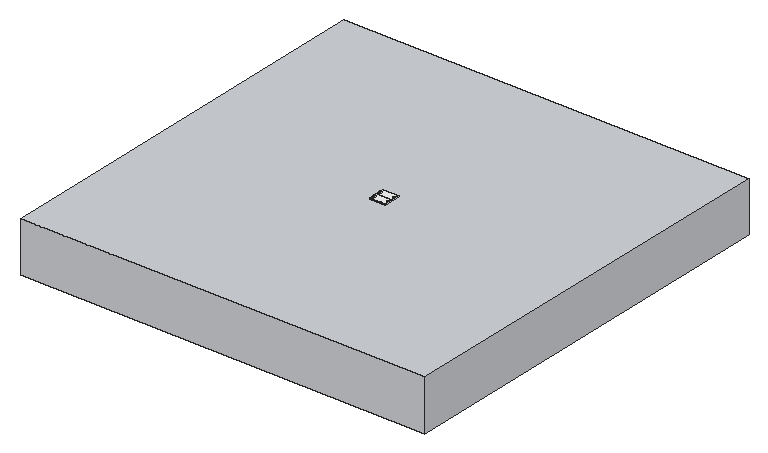
Revit family "Gira_5002028", category Elektroinstallationen, Revit 2017
Family settings
  Basisbauteil = Fläche
  Beschriftungsausrichtung beibehalten = Nein
  Bemaßung runder Anschluss = Durchmesser verwenden
  Teiletyp = Normal
  Beim Laden mit Abzugskörper schneiden = Nein
  Gemeinsam genutzt = Nein
  Raumberechnungspunkt = Nein
Parameters (values of type "KNX Tastsens.4 Komfort 2f TS4 Anthrazit")
  White = White
  Werkstoffgüte = ""
  Werkstoff Text = ""
  Default Elevation = 1219.2 mm
  URL = "https://www.gira.de/"
  Typname = "KNX Tastsens.4 Komfort 2f TS4 Anthrazit"
  Type Comments = ""
  Transparent = no
  Schutzart (IP) = "IP21"
  Produktseite = "https://media.stage.bim.site/t/eyJhbGciOiJIUzI1NiIsInR5cCI6IkpXVCJ9.eyJjdCI6MiwidHUiOiJodHRwOi8va2F0YWxvZy5naXJhLmRlL2RlX0RFL2RhdGVuYmxhdHQuaHRtbD9hcnRpa2VsbnI9NTAwMjAyOCIsImNpZCI6IjMyNzdjYzIzLTgxYTktNGVlMy1hOTBhLWI0N2JiNGMwYjYxNiIsInJpZCI6ImRjNTBiNzI2ODBkNDE0OGVjNDUwNTVhODIxMGU5ZDdiIiwicGlkIjoiODg0Y2ZjNTVhY2ZlYTIwMzA1NzE2ZTk2MDU4MDhmNDM1OTA4YTkzMSIsInNpZCI6IjYzNDcwIiwidXQiOjEsImxjIjoiZGUiLCJpYXQiOjE2MDA5NDQxNDgsImlzcyI6Imh0dHBzOi8vYXBpLmxpdmUuYmltLnNpdGUiLCJzdWIiOiJhZG1pbkBiaW1zaXRlLmRldiJ9.UFa_0s54UpPH4sO4i1aGspsrHQQsLlzv_7_jbwDwJm0"
  Oberfläche Text = ""
  Montageart = "Unterputz"
  Model = ""
  Mit Raumthermostat = no
  Mit LED-Anzeige = yes
  Mit Infrarotsensor = no
  Mit Display = no
  Mit Diebstahl-/Demontageschutz = yes
  Mit Busankopplung = yes
  Mit Beschriftungsfeld = no
  Kosten = 0
  Hersteller = "Gira"
  HeinzeBIM = "https://www.heinze.de/bim/knx-tastsens-4-komfort-2f-ts4-anthrazit/884cfc55acfea20305716e9605808f435908a931"
  HAN = "5002028"
  GTIN = "4010337070863"
  Funk bidirektional = no
  Farbe = "anthrazit"
  Datenblatt 1 = "https://media.stage.bim.site/t/eyJhbGciOiJIUzI1NiIsInR5cCI6IkpXVCJ9.eyJjdCI6MSwidGYiOiJwdWJsaWMvZ2lyYS9hZThjNTU3LzUwMDIwMjgudHh0IiwiY2lkIjoiMzI3N2NjMjMtODFhOS00ZWUzLWE5MGEtYjQ3YmI0YzBiNjE2IiwicmlkIjoiZGM1MGI3MjY4MGQ0MTQ4ZWM0NTA1NWE4MjEwZTlkN2IiLCJwaWQiOiI4ODRjZmM1NWFjZmVhMjAzMDU3MTZlOTYwNTgwOGY0MzU5MDhhOTMxIiwic2lkIjoiNjM0NzAiLCJ1dCI6MSwibGMiOiJkZSIsImlhdCI6MTYwMDk0NDE0OCwiaXNzIjoiaHR0cHM6Ly9hcGkubGl2ZS5iaW0uc2l0ZSIsInN1YiI6ImFkbWluQGJpbXNpdGUuZGV2In0.zJHrjpESKUdNxtJLvzNbO0A-WDVSXkTPz97j-LbJVt8/5002028.txt"
  Datenblatt = "https://media.stage.bim.site/t/eyJhbGciOiJIUzI1NiIsInR5cCI6IkpXVCJ9.eyJjdCI6MSwidHUiOiJodHRwczovL2thdGFsb2cuZ2lyYS5kZS9kZV9ERS9kb3dubG9hZC5odG1sP2FydGlrZWxucj01MDAyMDI4IiwiY2lkIjoiMzI3N2NjMjMtODFhOS00ZWUzLWE5MGEtYjQ3YmI0YzBiNjE2IiwicmlkIjoiZGM1MGI3MjY4MGQ0MTQ4ZWM0NTA1NWE4MjEwZTlkN2IiLCJwaWQiOiI4ODRjZmM1NWFjZmVhMjAzMDU3MTZlOTYwNTgwOGY0MzU5MDhhOTMxIiwic2lkIjoiNjM0NzAiLCJ1dCI6MSwibGMiOiJkZSIsImlhdCI6MTYwMDk0NDE0OCwiaXNzIjoiaHR0cHM6Ly9hcGkubGl2ZS5iaW0uc2l0ZSIsInN1YiI6ImFkbWluQGJpbXNpdGUuZGV2In0.vjur97Bk9m9mMT89Urv62W-n1h74z0-Oodtd7k0Cs4Q"
  Bussystem Powernet = no
  Bussystem LON = no
  Bussystem KNX-Funk = no
  Bussystem KNX = yes
  Bussystem Funkbus = no
  Beschreibung = "KNX Tastsensor 4 Komfort 2fach   Anthrazit Merkmale:  Tastsensor mit integriertem Busankoppler und der Möglichkeit einen verdrahteten Fernfühler anzuschließen.  Wippen- oder Tastenfunktion für jede Bedienfläche einstellbar.  Funktionen: Schalten, Dimmen, Jalousie, Wertgeber, Szenennebenstelle, 2-Kanal-Bedienung und Reglernebenstelle.  Schalten: Reaktion beim Drücken und   oder Loslassen, Einschalten, Ausschalten, Umschalten.  Dimmen: Zeiten für kurze und lange Betätigung, Dimmen in verschiedenen Stufen, Telegrammwiederholung bei langer Betätigung, Senden eines Stopptelegramms bei Ende der Betätigung.  Jalousiesteuerung: vier verschiedene Bedienkonzepte mit Zeiten für kurze und lange Betätigung und Lamellenverstellung.  Wertgeberfunktion: Wahl des Wertebereichs, Wert bei Betätigung.  Szenennebenstelle: mit oder ohne Speicherfunktion, Abruf interne Szene mit oder ohne Speicherfunktion.  2-Kanal-Bedienung: Für jede Wippe oder jede Taste kann die Bedienung von zwei unabhängigen Kanälen eingestellt werden. Dadurch können durch einen Tastendruck bis zu zwei Telegramme auf den Bus gesendet werden. Die Kanäle können unabhängig voneinander auf die Funktionen Schalten, Wertgeber oder Szene aufrufen parametriert werden. Reglernebenstelle- Eigenschaften:  Durch die Tastsensorfunktion Reglernebenstelle können externe Raumtemperaturregler angesteuert werden.  Betriebsmodusumschaltung, Zwang-Betriebsmodusumschaltung, Präsenzfunktion und Sollwertverschiebung.  Auswertung des Reglerzustandes über die Status-LED. Funktionen der Status-LED:  Jede Status-LED kann unabhängig zur Bedienfläche parametriert werden.  Die Status-LED können wahlweise rot, grün, blau, gelb, cyan, orange, violett oder weiß leuchten.  Funktionen Status-LED: immer AUS, immer EIN, Betätigungsanzeige, Telegrammquittierung, Statusanzeige, invertierte Statusanzeige, Ansteuerung über separates LED-Objekt, Betriebsmodusanzeige, Anzeige Reglerstatus, Anzeige Präsenzstatus und Anzeige invertierter Präsenzstatus.  Zusätzlich kann für jede Status-LED eine überlagerte Funktion freigegeben werden, wodurch eine andere Farbe und Anzeigeart eingestellt werden kann. Allgemeine Funktionen:  LED Alarmmeldung: Sämtliche LED des Tastsensors können bei einer Alarmmeldung gleichzeitig rot blinken.  LED Orientierungsbeleuchtung: Zur Orientierung können alle LED dauerhaft ausgeschaltet oder eingeschaltet sein, den Status eines separaten Kommunikationsobjekts anzeigen (EIN, AUS, blinken) oder bei einem beliebigen Tastendruck eingeschaltet und nach Ablauf einer Verzögerungszeit automatisch wieder abgeschaltet werden.  LED Nachtabsenkung: Steuerung der Helligkeit aller Status-LED durch ein Kommunikationsobjekt. Dadurch ist beispielsweise das Reduzieren der Helligkeit während der Nachtstunden auf einen in der ETS konfigurierten Wert möglich.  Sperrfunktion zum Sperren von einzelnen Tasten- bzw. Wippen.  Szenenfunktion: Interne Speicherung von bis zu acht Szenen mit acht Ausgangskanälen.  Temperaturmessung: Raumtemperaturmessungen durch internen Fühler, internen und verdrahteten Fernfühler oder internen und externen Fühler.  Raumfeuchtemessung: Messung der Raumfeuchte durch internen Fühler.  Demontageschutz  Updatefähig und vorbereitet für KNX Secure.  Hinweise :  Professionelle Beschriftung über den Gira Beschriftungsservice www.beschriftung.gira.de.  Der Tastsensor wird mit einer programmneutralen Inbetriebnahme-Wippe geliefert. Das passende Wippenset zum Schalterprogramm ist separat zu bestellen."
  Assembly Code = ""
  Keynote = ""
  BIMSITE_PRODUCT_ID = "884cfc55acfea20305716e9605808f435908a931"
  BIM = "https://media.stage.bim.site/t/eyJhbGciOiJIUzI1NiIsInR5cCI6IkpXVCJ9.eyJjdCI6MSwidGYiOiJwdWJsaWMvZ2lyYS9hZThjNTU3LzQwXzUwMDIwMCBUUzQgMmZhY2gucmZhIiwiY2lkIjoiMzI3N2NjMjMtODFhOS00ZWUzLWE5MGEtYjQ3YmI0YzBiNjE2IiwicmlkIjoiZGM1MGI3MjY4MGQ0MTQ4ZWM0NTA1NWE4MjEwZTlkN2IiLCJwaWQiOiI4ODRjZmM1NWFjZmVhMjAzMDU3MTZlOTYwNTgwOGY0MzU5MDhhOTMxIiwic2lkIjoiNjM0NzAiLCJ1dCI6NSwibGMiOiJkZSIsImlhdCI6MTYwMDk0NDE0OCwiaXNzIjoiaHR0cHM6Ly9hcGkubGl2ZS5iaW0uc2l0ZSIsInN1YiI6ImFkbWluQGJpbXNpdGUuZGV2In0.NrPZR3HlMw958ZIGcYX8KrBuvfJ4afOBAqLlBWafAZw/40_500200 TS4 2fach.rfa"
  Anzahl der Tasten = 2
  Anzahl der Betätigungspunkte = 0
  Andere Bussysteme = "ohne"
Reference planes
  plane 1 "Center (Front/Back)": y = 0
  plane 2: z = 0
  plane 3 "Center (Left/Right)": x = 0
Forms (mm)
  Extrusion 1, solid
    sketch origin (0, 0, 0) x (1, 0, 0) y (0, 1, 0)
      loop
        line (-1219.2, 1219.2) -> (-1219.2, -1219.2) -> (1219.2, -1219.2) -> (1219.2, 1219.2) -> (-1219.2, 1219.2)
    from 0 to -304.8
  Extrusion 2, solid, material "White", detail levels fine
    sketch origin (0, 0, 0) x (1, 0, 0) y (0, 1, 0)
      loop
        line (25.45, 35.45) -> (-25.45, 35.45)
        arc (-25.45, 35.45) -> (-32.521, 32.521) -> (-35.45, 25.45) r 10
        line (-35.45, 25.45) -> (-35.45, -25.45)
        arc (-35.45, -25.45) -> (-32.521, -32.521) -> (-25.45, -35.45) r 10
        line (-25.45, -35.45) -> (25.45, -35.45)
        arc (25.45, -35.45) -> (32.521, -32.521) -> (35.45, -25.45) r 10
        line (35.45, -25.45) -> (35.45, 25.45)
        arc (35.45, 25.45) -> (32.521, 32.521) -> (25.45, 35.45) r 10
      loop
        arc (-31.325, 28.496) -> (-31.325, 25.668) -> (-28.496, 25.668) r 2
        line (-28.496, 25.668) -> (-25.668, 28.496)
        arc (-25.668, 28.496) -> (-25.668, 31.325) -> (-28.496, 31.325) r 2
        line (-28.496, 31.325) -> (-31.325, 28.496)
      loop
        arc (-28.496, -31.325) -> (-25.668, -31.325) -> (-25.668, -28.496) r 2
        line (-25.668, -28.496) -> (-28.496, -25.668)
        arc (-28.496, -25.668) -> (-31.325, -25.668) -> (-31.325, -28.496) r 2
        line (-31.325, -28.496) -> (-28.496, -31.325)
      loop
        line (31.325, 28.496) -> (28.496, 31.325)
        arc (28.496, 31.325) -> (25.668, 31.325) -> (25.668, 28.496) r 2
        line (25.668, 28.496) -> (28.496, 25.668)
        arc (28.496, 25.668) -> (31.325, 25.668) -> (31.325, 28.496) r 2
      loop
        line (28.496, -31.325) -> (31.325, -28.496)
        arc (31.325, -28.496) -> (31.325, -25.668) -> (28.496, -25.668) r 2
        line (28.496, -25.668) -> (25.668, -28.496)
        arc (25.668, -28.496) -> (25.668, -31.325) -> (28.496, -31.325) r 2
      loop
        line (-13.39, 22.831) -> (-22.831, 13.39) -> (-22.831, -13.39) -> (-13.39, -22.831) -> (13.39, -22.831) -> (22.831, -13.39) -> (22.831, 13.39) -> (13.39, 22.831) -> (-13.39, 22.831)
      loop
        arc (-1.681, 31.793) -> (-6.669, 29.581) -> (-1.417, 28.102) r 2.9
        arc (-1.417, 28.102) -> (2.178, 28.079) -> (5.741, 27.6) r 28.291
        arc (5.741, 27.6) -> (7.553, 29.282) -> (6.077, 31.265) r 1.851
        arc (6.077, 31.265) -> (2.215, 31.784) -> (-1.681, 31.793) r 29.64
      loop
        arc (1.681, -31.793) -> (6.669, -29.581) -> (1.417, -28.102) r 2.9
        arc (1.417, -28.102) -> (-2.178, -28.079) -> (-5.741, -27.6) r 28.291
        arc (-5.741, -27.6) -> (-7.553, -29.282) -> (-6.077, -31.265) r 1.851
        arc (-6.077, -31.265) -> (-2.215, -31.784) -> (1.681, -31.793) r 29.64
      loop
        arc (-31.793, -1.681) -> (-29.581, -6.669) -> (-28.102, -1.417) r 2.9
        arc (-28.102, -1.417) -> (-28.079, 2.178) -> (-27.6, 5.741) r 28.291
        arc (-27.6, 5.741) -> (-29.282, 7.553) -> (-31.265, 6.077) r 1.851
        arc (-31.265, 6.077) -> (-31.784, 2.215) -> (-31.793, -1.681) r 29.64
      loop
        arc (31.793, 1.681) -> (29.581, 6.669) -> (28.102, 1.417) r 2.9
        arc (28.102, 1.417) -> (28.079, -2.178) -> (27.6, -5.741) r 28.291
        arc (27.6, -5.741) -> (29.282, -7.553) -> (31.265, -6.077) r 1.851
        arc (31.265, -6.077) -> (31.784, -2.215) -> (31.793, 1.681) r 29.64
    from 0 to -1
  Extrusion 3, solid, material "White", detail levels medium+fine
    sketch origin (0, 0, 0) x (1, 0, 0) y (0, 1, 0)
      loop
        line (-22.831, 13.39) -> (-22.831, -13.39) -> (-13.39, -22.831) -> (13.39, -22.831) -> (22.831, -13.39) -> (22.831, 13.39) -> (13.39, 22.831) -> (-13.39, 22.831) -> (-22.831, 13.39)
    from 0 to -15.5
  Extrusion 4, solid, material "White", detail levels medium
    sketch origin (0, 0, 0) x (1, 0, 0) y (0, 1, 0)
      loop
        line (35.45, 35.45) -> (-35.45, 35.45) -> (-35.45, -35.45) -> (35.45, -35.45) -> (35.45, 35.45)
    from 0 to -1
  Extrusion 5, solid, material "White" <- "White", detail levels fine
    sketch origin (0, 0, 0) x (1, 0, 0) y (0, 1, 0)
      loop
        arc (-41.4, 44.4) -> (-43.521, 43.521) -> (-44.4, 41.4) r 3
        line (-44.4, 41.4) -> (-44.4, -41.4)
        arc (-44.4, -41.4) -> (-43.521, -43.521) -> (-41.4, -44.4) r 3
        line (-41.4, -44.4) -> (41.4, -44.4)
        arc (41.4, -44.4) -> (43.521, -43.521) -> (44.4, -41.4) r 3
        line (44.4, -41.4) -> (44.4, 41.4)
        arc (44.4, 41.4) -> (43.521, 43.521) -> (41.4, 44.4) r 3
        line (41.4, 44.4) -> (-41.4, 44.4)
      loop
        arc (-42.4, -41.4) -> (-42.107, -42.107) -> (-41.4, -42.4) r 1
        line (-41.4, -42.4) -> (41.4, -42.4)
        arc (41.4, -42.4) -> (42.107, -42.107) -> (42.4, -41.4) r 1
        line (42.4, -41.4) -> (42.4, 41.4)
        arc (42.4, 41.4) -> (42.107, 42.107) -> (41.4, 42.4) r 1
        line (41.4, 42.4) -> (-41.4, 42.4)
        arc (-41.4, 42.4) -> (-42.107, 42.107) -> (-42.4, 41.4) r 1
        line (-42.4, 41.4) -> (-42.4, -41.4)
    from 0 to 4
  Extrusion 6, solid, material "White" <- "White", detail levels medium
    sketch origin (0, 0, 0) x (1, 0, 0) y (0, 1, 0)
      loop
        line (-44.4, 44.4) -> (-44.4, -44.4) -> (44.4, -44.4) -> (44.4, 44.4) -> (-44.4, 44.4)
    from 0 to 4
  Extrusion 7, solid, material "White" <- "White", detail levels fine
    sketch origin (0, 0, 0) x (1, 0, 0) y (0, 1, 0)
      loop
        line (-46.5, -47.5) -> (46.5, -47.5)
        arc (46.5, -47.5) -> (47.207, -47.207) -> (47.5, -46.5) r 1
        line (47.5, -46.5) -> (47.5, 46.5)
        arc (47.5, 46.5) -> (47.207, 47.207) -> (46.5, 47.5) r 1
        line (46.5, 47.5) -> (-46.5, 47.5)
        arc (-46.5, 47.5) -> (-47.207, 47.207) -> (-47.5, 46.5) r 1
        line (-47.5, 46.5) -> (-47.5, -46.5)
        arc (-47.5, -46.5) -> (-47.207, -47.207) -> (-46.5, -47.5) r 1
    from 4 to 9
  Extrusion 8, solid, material "White" <- "White", detail levels medium
    sketch origin (0, 0, 0) x (1, 0, 0) y (0, 1, 0)
      loop
        line (-47.5, -47.5) -> (47.5, -47.5) -> (47.5, -0.2) -> (-47.5, -0.2) -> (-47.5, -47.5)
      loop
        line (47.5, 0.2) -> (47.5, 47.5) -> (-47.5, 47.5) -> (-47.5, 0.2) -> (47.5, 0.2)
    from 4 to 10.7
  Extrusion 9, solid, material "White" <- "White", detail levels fine
    sketch origin (0, 0, 0) x (1, 0, 0) y (0, 1, 0)
      loop
        line (-46.5, -47.5) -> (46.5, -47.5)
        arc (46.5, -47.5) -> (47.207, -47.207) -> (47.5, -46.5) r 1
        line (47.5, -46.5) -> (47.5, -1.2)
        arc (47.5, -1.2) -> (47.207, -0.493) -> (46.5, -0.2) r 1
        line (46.5, -0.2) -> (-46.5, -0.2)
        arc (-46.5, -0.2) -> (-47.207, -0.493) -> (-47.5, -1.2) r 1
        line (-47.5, -1.2) -> (-47.5, -46.5)
        arc (-47.5, -46.5) -> (-47.207, -47.207) -> (-46.5, -47.5) r 1
      loop
        line (47.5, 1.2) -> (47.5, 46.5)
        arc (47.5, 46.5) -> (47.207, 47.207) -> (46.5, 47.5) r 1
        line (46.5, 47.5) -> (-46.5, 47.5)
        arc (-46.5, 47.5) -> (-47.207, 47.207) -> (-47.5, 46.5) r 1
        line (-47.5, 46.5) -> (-47.5, 1.2)
        arc (-47.5, 1.2) -> (-47.207, 0.493) -> (-46.5, 0.2) r 1
        line (-46.5, 0.2) -> (46.5, 0.2)
        arc (46.5, 0.2) -> (47.207, 0.493) -> (47.5, 1.2) r 1
    from 9.3 to 10.3
  Extrusion 10, solid, material "White" <- "White", detail levels fine
    sketch origin (0, 0, 0) x (1, 0, 0) y (0, 1, 0)
      loop
        line (-37.5, 28.8) -> (-47.5, 28.8) -> (-47.5, 28) -> (-37.5, 28)
        arc (-37.5, 28) -> (-33.3, 23.8) -> (-37.5, 19.6) r 4.2
        line (-37.5, 19.6) -> (-47.5, 19.6) -> (-47.5, 18.8) -> (-37.5, 18.8)
        arc (-37.5, 18.8) -> (-32.5, 23.8) -> (-37.5, 28.8) r 5
      loop
        arc (37.5, 28.8) -> (32.5, 23.8) -> (37.5, 18.8) r 5
        line (37.5, 18.8) -> (47.5, 18.8) -> (47.5, 19.6) -> (37.5, 19.6)
        arc (37.5, 19.6) -> (33.3, 23.8) -> (37.5, 28) r 4.2
        line (37.5, 28) -> (47.5, 28) -> (47.5, 28.8) -> (37.5, 28.8)
      loop
        arc (-37.5, -28.8) -> (-32.5, -23.8) -> (-37.5, -18.8) r 5
        line (-37.5, -18.8) -> (-47.5, -18.8) -> (-47.5, -19.6) -> (-37.5, -19.6)
        arc (-37.5, -19.6) -> (-33.3, -23.8) -> (-37.5, -28) r 4.2
        line (-37.5, -28) -> (-47.5, -28) -> (-47.5, -28.8) -> (-37.5, -28.8)
      loop
        line (37.5, -28.8) -> (47.5, -28.8) -> (47.5, -28) -> (37.5, -28)
        arc (37.5, -28) -> (33.3, -23.8) -> (37.5, -19.6) r 4.2
        line (37.5, -19.6) -> (47.5, -19.6) -> (47.5, -18.8) -> (37.5, -18.8)
        arc (37.5, -18.8) -> (32.5, -23.8) -> (37.5, -28.8) r 5
    from 9.5 to 10.7
  Extrusion 11, solid, material "White" <- "White", detail levels coarse
    sketch origin (0, 0, 0) x (1, 0, 0) y (0, 1, 0)
      loop
        line (-47.5, -47.5) -> (47.5, -47.5) -> (47.5, 47.5) -> (-47.5, 47.5) -> (-47.5, -47.5)
    from -15.4 to 10.7
Lines and regions (mm)
  reference lines
    curve 1: line (0, 47.5, 0) -> (0, -47.5, 0)
    curve 2: line (-47.5, 0, 0) -> (47.5, 0, 0)
Dimensions and locks
  aligned and locked: plane 2 to Extrusion 1
  aligned and locked: level to Extrusion 1
Connectors
  electrical at (0, 0, -15.5)
    settings: on Extrusion 3, index 1, voltage 220 V, apparent load 0 VA, apparent load phase1 0 VA, apparent load phase2 0 VA, apparent load phase3 0 VA, power factor 1, load classification "Other", number of poles 1, system type 31, power factor state 1, is connector primary yes, connector utility no, sub classification motor no, connector description ""
